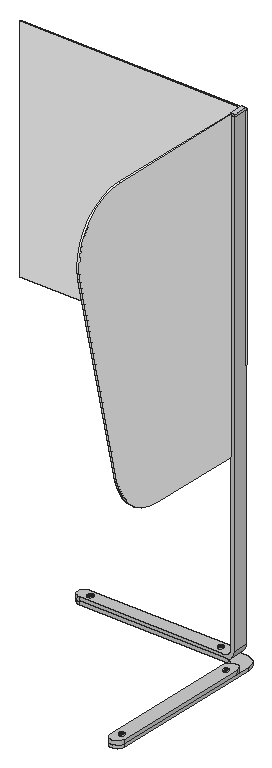
Revit family "DBLTD_Kwickscreen_PrvcyScrn_Shield", category Furniture, Revit 2020
Family settings
  OmniClass Number = 23.40.20.00
  OmniClass Title = General Furniture and Specialties
  Work Plane-Based = No
  Always vertical = Yes
  Cut with Voids When Loaded = No
  Shared = Yes
  Room Calculation Point = No
Parameters (values of type "Screen with 2 Panels Right")
  WarrantyStartDate [instance] = "1900-12-31T23:59:59"
  WarrantyGuarantorParts = "n/a"
  WarrantyGuarantorLabor = "n/a"
  WarrantyDurationUnit = "Years"
  WarrantyDurationParts = "n/a"
  WarrantyDurationLabor = "n/a"
  WarrantyDescription = "n/a"
  Version = "1"  # constant formula
  Uniclass2015Version = "Products v1.9"
  Uniclass2015Title = "Privacy screens"
  Uniclass2015Code = "Pr_40_30_20_65"
  URL = "https://kwickscreen.com/"
  Type Comments = ModelReference  # "Screen with 2 Panel Right"
  TagNumber [instance] = "n/a"
  SustainabilityPerformance = "n/a"
  Style = "n/a"
  Status [instance] = "New"
  Size = "L 580mm x  W 600mm x  H 1400mm"
  Shape = "Rectangular"
  SerialNumber [instance] = "n/a"
  ScreenType = DBLTD_Kwickscreen_PrvcyScrn_Shield : Double Screen Right
  ScreenPanelMaterial [instance] = Kwickscreen_Plastic_Clear
  Revision = "n/a"
  ReplacementCost = "0"
  Reference = "n/a"
  ProductInformation = "https://kwickscreen.com/shield"
  NominalWidth = 580 mm
  NominalLength = NominalWidth  # 580 mm
  NominalHeight = 1400 mm
  NominalDepth = 580 mm  # constant formula
  Name = "PrivacyScreens_Shield_KwickScreen"  # constant formula
  NBSReference = "45-35-25/320"
  NBSDescription = "Freestanding Screens"
  NBSCertification = ""
  ModelReference = "Screen with 2 Panel Right"
  ModelNumber = "Shield Dual"
  Model = ModelNumber  # "Shield Dual"
  Material = "Aluminium"
  ManufacturerURL = "https://kwickscreen.com/"
  ManufacturerName = "KwickScreen"
  Manufacturer = "KwickScreen"
  MainColor = "n/a"
  Keynote = "Pr_40_30_20_65"
  IsBuiltIn = no
  IntegralAccessories = "n/a"
  InstallationDate [instance] = "1900-12-31T23:59:59"
  IfcExportType = "Screen"  # constant formula
  IfcExportAs = "IfcFurnitureTypeEnum"  # constant formula
  Grade = "n/a"
  FramesColour = "Silver"
  FrameMaterial [instance] = Kwickscreen_Metal_Silver
  Finish = "Silver anodized Aluminium"
  Features = "Freestanding chair partitions"
  ExpectedLife = "10"
  DurationUnit = "Years"
  DoubleScreen = yes
  DimensionsPlanSize = "1100 mm x 850 mm"
  DimensionsHeight = "1400"
  Description = ModelReference  # "Screen with 2 Panel Right"
  Default Elevation = 0 mm
  Cost = 0
  Constituents = "n/a"
  Color = "n/a"
  CodePerformance = "n/a"
  Category = "Pr_40_30_20_65:Privacy screens"
  BarCode [instance] = "n/a"
  Author = "Diane Butterworth Ltd"  # constant formula
  AssetType = "Movable"
  AssetIdentifier [instance] = "n/a"
  Assembly Code = "E2020200"
  AccessibilityPerformance = "n/a"
Types (5, lengths in mm): name | Type Comments | Size | ScreenType | ModelReference | ModelNumber | Model | DoubleScreen | Description
  (no name) | "Screen with 2 Panel Right" | "L 580mm x  W 600mm x  H 1400mm" | DBLTD_Kwickscreen_PrvcyScrn_Shield : Double Screen Right | "Screen with 2 Panel Right" | "Shield Dual" | "Shield Dual" | yes | "Screen with 2 Panel Right"
  Screen with 1 Panel Right | "Screen with 1 Panel Right" | "L 580mm x  W 580mm x  H 1400mm" | DBLTD_Kwickscreen_PrvcyScrn_Shield : Single Screen Right | "Screen with 1 Panel Right" | "Shield Single" | "Shield Single" | no | "Screen with 1 Panel Right"
  Screen with 2 Panels Right | "Screen with 2 Panel Right" | "L 580mm x  W 600mm x  H 1400mm" | DBLTD_Kwickscreen_PrvcyScrn_Shield : Double Screen Right | "Screen with 2 Panel Right" | "Shield Dual" | "Shield Dual" | yes | "Screen with 2 Panel Right"
  Screen with 2 Panels Left | "Screen with 2 Panel Left" | "L 580mm x  W 600mm x  H 1400mm" | DBLTD_Kwickscreen_PrvcyScrn_Shield : Double Screen Left | "Screen with 2 Panel Left" | "Shield Dual" | "Shield Dual" | yes | "Screen with 2 Panel Left"
  Screen with 1 Panel Left | "Screen with 1 Panel Left" | "L 580mm x  W 580mm x  H 1400mm" | DBLTD_Kwickscreen_PrvcyScrn_Shield : Single Screen Right | "Screen with 1 Panel Left" | "Shield Single" | "Shield Single" | no | "Screen with 1 Panel Left"
Reference planes
  plane 1 "Center (Front/Back)": y = 0
  plane 2: z = 0
  plane 3 "Center (Left/Right)": x = 0
  plane 4: z = 1400
  plane 5: x = 290
  plane 6: x = -290
  plane 7: y = -580
Dimensions and locks
  "NominalHeight": plane 4 to plane 2
  equal spacing: plane 6, plane 3 "Center (Left/Right)", plane 5
  "NominalWidth": plane 6 to plane 5
  "NominalDepth": plane 1 "Center (Front/Back)" to plane 7
  aligned and locked: level to plane 2
Nested families
  nested 1: "DBLTD_Kwickscreen_PrvcyScrn_Shield" at (0, 0, 0), FrameMaterial <- "FrameMaterial", ScreenPanelMaterial <- "ScreenPanelMaterial", type <- "ScreenType", type "Double Screen Right"
    with ScreenPanelMaterial Kwickscreen_Plastic_Clear, FrameMaterial Kwickscreen_Metal_Silver
Definition of nested family "DBLTD_Kwickscreen_PrvcyScrn_Shield"
  Parameters (values of type "Single Screen Right")
    ScreenRight = yes
    ScreenPanelMaterial [instance] = none
    ScreenLeft = no
    FrameMaterial [instance] = none
    FixingsRight = no
    FixingsLeft = yes
    DoubleScreenLeft = no
    DoubleScreen = no
    Default Elevation = 0 mm
  Types (5, lengths in mm): name | ScreenRight | ScreenLeft | FixingsRight | FixingsLeft | DoubleScreenLeft | DoubleScreen
    (no name) | yes | no | no | yes | no | no
    Single Screen Right | yes | no | no | yes | no | no
    Single Screen Left | no | yes | yes | no | no | no
    Double Screen Right | yes | no | yes | yes | no | yes
    Double Screen Left | no | yes | yes | yes | yes | no
  Reference planes
    plane 1 "Center (Front/Back)": y = 0
    plane 2: z = 0
    plane 3 "Center (Left/Right)": x = 0
  Forms (mm)
    Extrusion 1, solid, material <- "FrameMaterial"
      sketch origin (0, 0, 0) x (1, 0, 0) y (0, 1, 0)
        loop
          arc (290, -40) -> (278.284, -11.716) -> (250, 0) r 40
          line (250, 0) -> (-190, 0)
          arc (-190, 0) -> (-210, -20) -> (-190, -40) r 20
          line (-190, -40) -> (230, -40)
          arc (230, -40) -> (244.142, -45.858) -> (250, -60) r 20
          line (250, -60) -> (250, -480)
          arc (250, -480) -> (270, -500) -> (290, -480) r 20
          line (290, -480) -> (290, -40)
      from 0 to 8
    Extrusion 2, solid, material <- "FrameMaterial", visible <- "ScreenRight"
      sketch origin (0, 0, 0) x (1, 0, 0) y (0, 0, 1)
        loop
          line (-220, 18) -> (-220, 8) -> (225, 8)
          arc (225, 8) -> (242.678, 15.322) -> (250, 33) r 25
          line (250, 33) -> (250, 1394.627) -> (240, 1394.627) -> (240, 33)
          arc (240, 33) -> (235.607, 22.393) -> (225, 18) r 15
          line (225, 18) -> (-220, 18)
      from 0 to 40
    Extrusion 3, solid, material <- "ScreenPanelMaterial", visible <- "DoubleScreen"
      sketch origin (2.98, 0, 0) x (1, 0, 0) y (0, 0, 1)
        loop
          line (247.02, 1394.627) -> (-392.98, 1394.627) -> (-392.98, 744.627) -> (247.02, 744.627) -> (247.02, 1394.627)
      from 0 to -5
    Extrusion 4, solid, material <- "ScreenPanelMaterial", visible <- "ScreenRight"
      sketch origin (280, -275, 0) x (0, 1, 0) y (0, 0, -1)
        loop
          line (275, -1394.627) -> (275, -524.627) -> (-23.405, -524.627)
          arc (-23.405, -524.627) -> (-116.782, -557.236) -> (-169.561, -640.884) r 150
          line (-169.561, -640.884) -> (-301.156, -1210.884)
          arc (-301.156, -1210.884) -> (-272.391, -1338.004) -> (-155, -1394.627) r 150
          line (-155, -1394.627) -> (275, -1394.627)
      from 40 to 45
    Extrusion 5, solid, visible <- "ScreenRight"
      sketch origin (0, 0, 0) x (0, 1, 0) y (0, 0, 1)
        loop
          line (0, 1400) -> (-40, 1400) -> (-40, 1394.627) -> (0, 1394.627) -> (0, 1400)
      from 240 to 250
    Extrusion 6, void
      sketch origin (20, 0, 0) x (1, 0, 0) y (0, 1, 0)
        loop
          line (-210, 0) -> (-240, 0) -> (-240, -40) -> (-210, -40)
          arc (-210, -40) -> (-230, -20) -> (-210, 0) r 20
      from 0 to 18
    Extrusion 7, solid, material <- "FrameMaterial", visible <- "DoubleScreen"
      sketch origin (0, 0, 0) x (1, 0, 0) y (0, 1, 0)
        loop
          line (250, -80) -> (250, -480)
          arc (250, -480) -> (270, -500) -> (290, -480) r 20
          line (290, -480) -> (290, -80)
          arc (290, -80) -> (270, -60) -> (250, -80) r 20
      from 8 to 18
    Revolve 8, solid, material <- "FrameMaterial", visible <- "FixingsRight"
      sketch origin (270, 96.026, -12) x (0, 1, 0) y (0, 0, -1)
        loop
          line (-198, -30) -> (-198, -30.976) -> (-196.588, -32.388) -> (-191.675, -32.388) -> (-191.675, -30) -> (-198, -30)
        axis (-191.009, -30) -> (-191.009, -32.388)
      angle from 0 to 360
    Revolve 9, solid, material <- "FrameMaterial", visible <- "FixingsLeft"
      sketch origin (386.026, -20, -12) x (1, 0, 0) y (0, 0, 1)
        loop
          line (-198, 30) -> (-191.675, 30) -> (-191.675, 32.388) -> (-196.588, 32.388) -> (-198, 30.976) -> (-198, 30)
        axis (-191.009, 30) -> (-191.009, 32.388)
      angle from 0 to 360
    Revolve 10, solid, material <- "FrameMaterial", visible <- "FixingsRight"
      sketch origin (270, -656.026, -12) x (0, -1, 0) y (0, 0, 1)
        loop
          line (-198, 30) -> (-191.675, 30) -> (-191.675, 32.388) -> (-196.588, 32.388) -> (-198, 30.976) -> (-198, 30)
        axis (-191.009, 30) -> (-191.009, 32.388)
      angle from 0 to 360
    Revolve 11, solid, material <- "FrameMaterial", visible <- "FixingsLeft"
      sketch origin (-366.026, -20, -12) x (-1, 0, 0) y (0, 0, -1)
        loop
          line (-198, -30) -> (-198, -30.976) -> (-196.588, -32.388) -> (-191.675, -32.388) -> (-191.675, -30) -> (-198, -30)
        axis (-191.009, -30) -> (-191.009, -32.388)
      angle from 0 to 360
    Extrusion 12, solid, material <- "FrameMaterial", visible <- "ScreenLeft"
      sketch origin (290, -290, 0) x (0, 1, 0) y (0, 0, -1)
        loop
          line (-220, -18) -> (225, -18)
          arc (225, -18) -> (235.607, -22.393) -> (240, -33) r 15
          line (240, -33) -> (240, -1394.627) -> (250, -1394.627) -> (250, -33)
          arc (250, -33) -> (242.678, -15.322) -> (225, -8) r 25
          line (225, -8) -> (-220, -8) -> (-220, -18)
      from 0 to 40
    Extrusion 13, solid, visible <- "ScreenLeft"
      sketch origin (290, -290, 0) x (1, 0, 0) y (0, 0, -1)
        loop
          line (0, -1400) -> (0, -1394.627) -> (-40, -1394.627) -> (-40, -1400) -> (0, -1400)
      from 240 to 250
    Extrusion 14, void
      sketch origin (290, -270, 0) x (0, 1, 0) y (-1, 0, 0)
        loop
          arc (-210, 0) -> (-230, 20) -> (-210, 40) r 20
          line (-210, 40) -> (-240, 40) -> (-240, 0) -> (-210, 0)
      from 0 to 18
    Extrusion 15, solid, material <- "ScreenPanelMaterial", visible <- "ScreenLeft"
      sketch origin (15, -10, 0) x (1, 0, 0) y (0, 0, 1)
        loop
          line (275, 1394.627) -> (-155, 1394.627)
          arc (-155, 1394.627) -> (-272.391, 1338.004) -> (-301.156, 1210.884) r 150
          line (-301.156, 1210.884) -> (-169.561, 640.884)
          arc (-169.561, 640.884) -> (-116.782, 557.236) -> (-23.405, 524.627) r 150
          line (-23.405, 524.627) -> (275, 524.627) -> (275, 1394.627)
      from 40 to 45
    Extrusion 16, solid, material <- "ScreenPanelMaterial", visible <- "DoubleScreenLeft"
      sketch origin (290, -287.02, 0) x (0, 1, 0) y (0, 0, -1)
        loop
          line (247.02, -1394.627) -> (247.02, -744.627) -> (-392.98, -744.627) -> (-392.98, -1394.627) -> (247.02, -1394.627)
      from 0 to -5
    Extrusion 17, solid, material <- "FrameMaterial", visible <- "DoubleScreenLeft"
      sketch origin (290, -290, 0) x (0, 1, 0) y (-1, 0, 0)
        loop
          arc (250, 80) -> (270, 60) -> (290, 80) r 20
          line (290, 80) -> (290, 480)
          arc (290, 480) -> (270, 500) -> (250, 480) r 20
          line (250, 480) -> (250, 80)
      from 8 to 18
  Cuts and joins
    Extrusion 6, Extrusion 14 cuts Extrusion 1
    Extrusion 6, Extrusion 14 cuts Extrusion 2
    Extrusion 14 cuts Extrusion 12
  Dimensions and locks
    cut or joined group of Extrusion 2, Extrusion 6, Extrusion 14 to cut or joined group of Extrusion 12, Extrusion 14 = 500 mm
    Extrusion 7 to Extrusion 3 = 500 mm
    aligned and locked: level to plane 2
